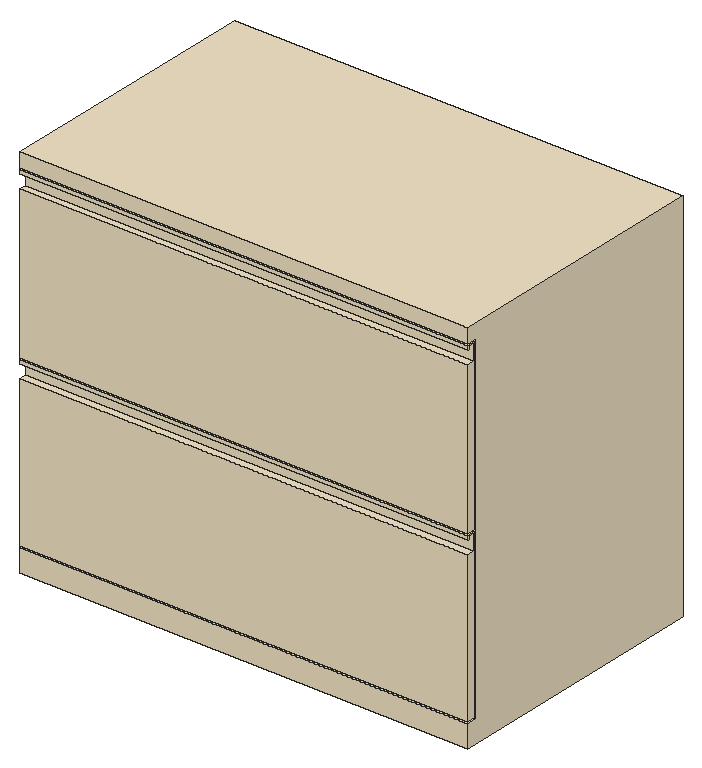
Revit family "M_Sistema de mobiliário-armazenamento-armário-2_arquivo vertical", category Sistema de mobiliário, Revit 2019
Family settings
  Cota do conector redondo = Utilizar diâmetro
  Tipo de parte = Normal
  Número OmniClass = 23.40.70.14.64.21
  Título OmniClass = Systems Furniture
  Com base no plano de trabalho = Não
  Sempre na vertical = Sim
  Corte com vazios quando carregada = Não
  Compartilhado = Não
  Ponto de cálculo do ambiente = Não
Parameters (values of type "750 x 450 x 650mm")
  Largura = 750 mm
  Comentários de tipos = "Armário de arquivos vertical duplo de 750 x 450 x 650 mm"
  Mostrar sólido [instance] = not(Mostrar com traços)  # yes
  Mostrar com traços [instance] = no
  Model = ""
  Manufacturer = ""
  Altura = 650 mm
  Acabamento da gaveta [instance] = Metal – Pintado – Bege
  Description = ""
  Linear = 450 mm
  Material do armário [instance] = Metal – Pintado – Bege
Reference planes
  plane 1 "Parte posterior": y = 450
  plane 2: z = 0
  plane 3 "Centro (Esquerda/Direita)": x = 0
  plane 4 "Esquerda": x = -375
  plane 5 "Direita": x = 375
  plane 6 "Centro (Frente/Trás)": y = 0
  plane 7: y = 16.662
  plane 8 "Superior": z = 650
  plane 9: z = 56.356
  plane 10: z = 626.188
  plane 11: z = 623.012
  plane 12: z = 594.845
  plane 13: z = 341.272
  plane 14: z = 338.097
  plane 15: z = 309.93
  plane 16: z = 19.05
  plane 17: y = 76.2
  plane 18: y = 373.8
  plane 19: x = -321.025
  plane 20: x = -276.575
  plane 21: x = 321.025
  plane 22: x = 276.575
  plane 23: y = 13.487
  plane 24: z = 900
Forms (mm)
  Extrusion 1, solid, material "Metal – Pintado – Bege" <- "Material do armário"
    sketch origin (0, 558.8, 0) x (1, 0, 0) y (0, 1, 0)
      loop
        line (-375, -108.8) -> (-375, -542.138) -> (375, -542.138) -> (375, -108.8) -> (-375, -108.8)
    from 56.356 to 626.188
  Extrusion 2, solid, material "Metal – Pintado – Bege" <- "Material do armário"
    sketch origin (0, 558.8, 0) x (1, 0, 0) y (0, 1, 0)
      loop
        line (-375, -108.8) -> (-375, -558.8) -> (375, -558.8) -> (375, -108.8) -> (-375, -108.8)
    from 626.188 to 650
  Extrusion 3, solid, material "Metal – Pintado – Bege" <- "Material do armário"
    sketch origin (0, 558.8, 0) x (1, 0, 0) y (0, 1, 0)
      loop
        line (-375, -108.8) -> (-375, -558.8) -> (375, -558.8) -> (375, -108.8) -> (-375, -108.8)
    from 19.05 to 56.356
  Extrusion 4, solid, material "Metal – Pintado – Bege" <- "Acabamento da gaveta", detail levels medium+fine
    sketch origin (0, 0, 0) x (0, 1, 0) y (0, 0, 1)
      loop
        line (0, 594.845) -> (0, 341.272) -> (13.487, 341.272) -> (13.487, 623.012) -> (0, 623.012) -> (0, 616.663) -> (1.524, 616.663) -> (1.524, 621.488) -> (11.9, 621.488) -> (11.9, 594.845) -> (0, 594.845)
    from -375 to 375
  Extrusion 5, solid, material "Metal – Pintado – Bege" <- "Acabamento da gaveta", detail levels medium+fine
    sketch origin (0, 0, 0) x (0, 1, 0) y (0, 0, 1)
      loop
        line (0, 309.93) -> (0, 58.737) -> (13.487, 58.737) -> (13.487, 338.097) -> (0, 338.097) -> (0, 331.747) -> (1.524, 331.747) -> (1.524, 336.573) -> (11.929, 336.573) -> (11.929, 309.93) -> (0, 309.93)
    from -375 to 375
  Extrusion 6, solid
    sketch origin (0, 0, 0) x (0, 1, 0) y (0, 0, 1)
      loop
        line (51.917, 19.05) -> (56.82, 9.206) -> (65.472, 2.419) -> (76.2, 0) -> (86.928, 2.419) -> (95.58, 9.206) -> (100.483, 19.05) -> (51.917, 19.05)
      loop
        line (349.517, 19.05) -> (354.42, 9.206) -> (363.072, 2.419) -> (373.8, 0) -> (384.528, 2.419) -> (393.18, 9.206) -> (398.083, 19.05) -> (349.517, 19.05)
    from -321.025 to -276.575
  Extrusion 7, solid
    sketch origin (0, -279.4, 0) x (0, 1, 0) y (0, 0, 1)
      loop
        line (331.317, 19.05) -> (336.22, 9.206) -> (344.872, 2.419) -> (355.6, 0) -> (366.328, 2.419) -> (374.98, 9.206) -> (379.883, 19.05) -> (331.317, 19.05)
      loop
        line (672.58, 9.206) -> (677.483, 19.05) -> (628.917, 19.05) -> (633.82, 9.206) -> (642.472, 2.419) -> (653.2, 0) -> (663.928, 2.419) -> (672.58, 9.206)
    from 276.575 to 321.025
  Extrusion 8, solid, material "Metal – Pintado – Bege" <- "Acabamento da gaveta", detail levels coarse
    sketch origin (0, 450, 0) x (1, 0, 0) y (0, 0, 1)
      loop
        line (-375, 338.097) -> (-375, 59.531) -> (375, 59.531) -> (375, 338.097) -> (-375, 338.097)
      loop
        line (-375, 623.012) -> (-375, 341.272) -> (375, 341.272) -> (375, 623.012) -> (-375, 623.012)
    from 436.513 to 450
Cuts and joins
  joined: Extrusion 1, Extrusion 2, Extrusion 3
Lines and regions (mm)
  Masking region 1, visible <- "Mostrar sólido"
    outline origin (0, 558.8, 0) x (1, 0, 0) y (0, 1, 0)
      loop
        line (-375, -108.8) -> (-375, -558.8) -> (375, -558.8) -> (375, -108.8) -> (-375, -108.8)
  Masking region 2, visible <- "Mostrar com traços"
    outline origin (0, 0, 0) x (1, 0, 0) y (0, 1, 0)
      loop
        line (-375, 450) -> (-375, 0) -> (375, 0) -> (375, 450) -> (-375, 450)
  symbolic lines, style "Armazenamento", visible <- "Mostrar sólido"
    curve 1: line (-375, 16.662, 0) -> (375, 16.662, 0)
    curve 2: line (-375, 16.662, 0) -> (375, 450, 0)
  symbolic lines, style "Linhas tracejadas", visible <- "Mostrar com traços"
    curve 3: line (-375, 16.662, 0) -> (375, 450, 0)
    curve 4: line (-375, 16.662, 0) -> (375, 16.662, 0)
  reference lines
    curve 5: line (0, 0, 0) -> (0, 0, 900)
Dimensions and locks
  "Largura": plane 4 "Esquerda" to plane 5 "Direita"
  "Linear": plane 6 "Centro (Frente/Trás)" to plane 1 "Parte posterior"
  equal spacing: plane 4 "Esquerda", plane 3 "Centro (Esquerda/Direita)", plane 5 "Direita"
  locked: plane 7 to plane 6 "Centro (Frente/Trás)" at 16.662
  locked: plane 9 to Extrusion 5 sketch curve at 2.381
  locked: plane 14 to Extrusion 5 sketch curve at 6.35
  locked: plane 6 "Centro (Frente/Trás)" to Extrusion 5 sketch curve at 1.524
  locked: plane 6 "Centro (Frente/Trás)" to plane 17 at 76.2
  locked: plane 18 to plane 1 "Parte posterior" at 76.2
  plane 20 to plane 19 to plane 4 "Esquerda" = 44.45 mm locked, 53.975 mm locked
  plane 5 "Direita" to plane 21 to plane 22 = 53.975 mm locked, 44.45 mm locked
  "Altura": plane 8 "Superior" to plane 2
  locked: plane 23 to plane 7 at 3.175
  locked: Extrusion 4 sketch curve to plane 23 at 1.588
  locked: Extrusion 5 sketch curve to plane 23 at 1.558
  locked: Extrusion 8 sketch curve to plane 9 at 3.175
  plane 8 "Superior" to plane 10 to plane 11 to plane 12 = 23.812 mm, 3.175 mm, 28.167 mm locked
  plane 13 to plane 14 to plane 15 = 3.175 mm locked, 28.167 mm locked
  equal spacing: plane 10, plane 13, plane 9
  locked: plane 24 to plane 2 at 900
  aligned and locked: plane 1 "Parte posterior" to Extrusion 1 sketch curve
  aligned and locked: Extrusion 1 sketch curve to plane 5 "Direita"
  aligned and locked: plane 4 "Esquerda" to Extrusion 1 sketch curve
  aligned and locked: Extrusion 1 sketch curve to plane 7
  aligned and locked: Extrusion 1 to plane 9
  aligned and locked: plane 1 "Parte posterior" to Extrusion 2 sketch curve
  aligned and locked: Extrusion 2 sketch curve to plane 5 "Direita"
  aligned and locked: plane 4 "Esquerda" to Extrusion 2 sketch curve
  aligned and locked: plane 6 "Centro (Frente/Trás)" to Extrusion 2 sketch curve
  aligned and locked: Extrusion 2 to plane 10
  aligned and locked: plane 8 "Superior" to Extrusion 2
  aligned and locked: plane 1 "Parte posterior" to Extrusion 3 sketch curve
  aligned and locked: Extrusion 3 sketch curve to plane 5 "Direita"
  aligned and locked: plane 4 "Esquerda" to Extrusion 3 sketch curve
  aligned and locked: plane 6 "Centro (Frente/Trás)" to Extrusion 3 sketch curve
  aligned and locked: plane 9 to Extrusion 3
  aligned and locked: Extrusion 3 to plane 16
  aligned and locked: Extrusion 1 to plane 10
  aligned and locked: Extrusion 4 sketch curve to plane 11
  aligned and locked: Extrusion 4 sketch curve to plane 6 "Centro (Frente/Trás)"  (x2)
  aligned and locked: Extrusion 4 sketch curve to plane 12
  aligned and locked: plane 13 to Extrusion 4 sketch curve
  aligned and locked: Extrusion 5 sketch curve to plane 15
  aligned and locked: Extrusion 5 sketch curve to plane 6 "Centro (Frente/Trás)"  (x2)
  aligned and locked: Extrusion 5 sketch curve to plane 14
  aligned and locked: Extrusion 5 to plane 4 "Esquerda"
  aligned and locked: plane 5 "Direita" to Extrusion 5
  aligned and locked: Extrusion 4 to plane 4 "Esquerda"
  aligned and locked: plane 5 "Direita" to Extrusion 4
  aligned and locked: plane 19 to Extrusion 6
  aligned and locked: plane 20 to Extrusion 6
  aligned and locked: plane 21 to Extrusion 7
  aligned and locked: plane 22 to Extrusion 7
  aligned and locked: level to plane 2
  aligned and locked: Extrusion 7 sketch curve to Extrusion 6  (x2)
  aligned and locked: plane 5 "Direita" to curve 1
  aligned and locked: plane 23 to Extrusion 4 sketch curve
  aligned and locked: plane 23 to Extrusion 5 sketch curve
  aligned and locked: plane 1 "Parte posterior" to Masking region 1 sketch curve
  aligned and locked: Masking region 1 sketch curve to plane 5 "Direita"
  aligned and locked: plane 6 "Centro (Frente/Trás)" to Masking region 1 sketch curve
  aligned and locked: plane 4 "Esquerda" to Masking region 1 sketch curve
  aligned and locked: plane 4 "Esquerda" to Extrusion 8 sketch curve  (x2)
  aligned and locked: Extrusion 8 sketch curve to plane 14
  aligned and locked: Extrusion 8 sketch curve to plane 5 "Direita"  (x2)
  aligned and locked: plane 13 to Extrusion 8 sketch curve
  aligned and locked: Extrusion 8 sketch curve to plane 11
  aligned and locked: plane 23 to Extrusion 8
  aligned and locked: Extrusion 8 to plane 6 "Centro (Frente/Trás)"
  aligned and locked: plane 1 "Parte posterior" to curve 2
  aligned and locked: plane 1 "Parte posterior" to Masking region 2 sketch curve
  aligned and locked: plane 4 "Esquerda" to Masking region 2 sketch curve
  aligned and locked: plane 6 "Centro (Frente/Trás)" to Masking region 2 sketch curve
  aligned and locked: Masking region 2 sketch curve to plane 5 "Direita"
  aligned and locked: plane 5 "Direita" to curve 3
  aligned and locked: plane 5 "Direita" to curve 4
  aligned and locked: plane 7 to curve 2
  aligned and locked: plane 4 "Esquerda" to curve 2
  aligned and locked: plane 24 to curve 5
  aligned and locked: plane 3 "Centro (Esquerda/Direita)" to curve 5
  aligned and locked: plane 2 to curve 5
Automatic sketch dimensions
  plane 6 "Centro (Frente/Trás)" to Extrusion 4 sketch curve = 1.524 mm
  Extrusion 4 sketch curve to plane 11 = 6.35 mm
  Extrusion 4 sketch curve to plane 11 = 1.524 mm
  Extrusion 6 sketch curve to plane 16 = 0 mm  (x2)
  Extrusion 6 sketch curve to level = 0 mm  (x2)
  Extrusion 6 sketch curve to plane 17 = 0 mm
  Extrusion 6 sketch curve to plane 18 = 0 mm
  level to Extrusion 6 sketch curve = 2.419 mm  (x4)
  Extrusion 6 sketch curve to plane 17 = 10.728 mm
  level to Extrusion 6 sketch curve = 9.206 mm  (x4)
  Extrusion 6 sketch curve to Extrusion 6 sketch curve = 8.652 mm  (x3)
  Extrusion 6 sketch curve to Extrusion 6 sketch curve = 4.903 mm  (x4)
  plane 17 to Extrusion 6 sketch curve = 10.728 mm
  Extrusion 6 sketch curve to plane 18 = 24.283 mm
  Extrusion 6 sketch curve to plane 18 = 10.728 mm
  plane 18 to Extrusion 6 sketch curve = 10.728 mm
  Extrusion 7 sketch curve to plane 16 = 0 mm  (x2)
  Extrusion 7 sketch curve to level = 0 mm  (x2)
  plane 6 "Centro (Frente/Trás)" to Extrusion 7 sketch curve = 51.917 mm
  level to Extrusion 7 sketch curve = 9.206 mm  (x2)
  Extrusion 7 sketch curve to Extrusion 7 sketch curve = 4.903 mm  (x4)
  level to Extrusion 7 sketch curve = 2.419 mm  (x4)
  Extrusion 7 sketch curve to Extrusion 7 sketch curve = 8.652 mm  (x2)
  Extrusion 7 sketch curve to Extrusion 7 sketch curve = 10.728 mm  (x2)
  Extrusion 7 sketch curve to plane 18 = 10.728 mm
  Extrusion 7 sketch curve to plane 18 = 0 mm
  plane 18 to Extrusion 7 sketch curve = 10.728 mm
  Extrusion 5 sketch curve to plane 14 = 1.524 mm
Types in the file's own list only (5): name | Largura | Comentários de tipos | Linear
  750 x 550 x 650mm | 750 mm | "Armário de arquivos vertical duplo de 750 x 550 x 650 mm" | 550 mm
  900 x 450 x 650mm | 900 mm | "Armário de arquivos vertical duplo de 900 x 450 x 650 mm" | 450 mm
  900 x 550 x 650mm | 900 mm | "Armário de arquivos vertical duplo de 900 x 550 x 650 mm" | 550 mm
  1050 x 450 x 650mm | 1050 mm | "Armário de arquivos vertical duplo de 1050 x 450 x 650 mm" | 450 mm
  1050 x 550 x 650mm | 1050 mm | "Armário de arquivos vertical duplo de 1050 x 550 x 650 mm" | 550 mm
